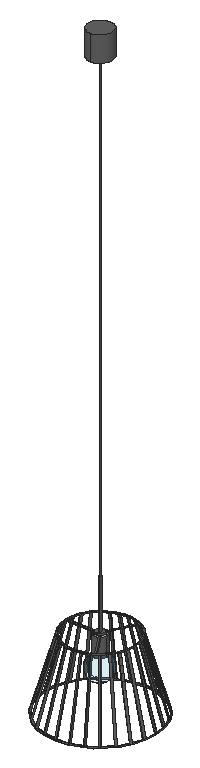
Revit family "Justerbar Lab Pendle_Bole_Cage", category Lighting Fixtures, Revit 2021
Family settings
  Round Connector Dimension = Use Diameter
  Part Type = Normal
  OmniClass Number = 23.80.70.00
  OmniClass Title = Lighting
  Work Plane-Based = No
  Always vertical = Yes
  Cut with Voids When Loaded = No
  Light Source = Yes
  Shared = No
  Room Calculation Point = No
Parameters
  Wattage = 9.2903 W
  built-in parameter 1150110 = 1 (stored number, unit not read)
  built-in parameter 1114217 = 1 (stored number, unit not read)
  built-in parameter 1150109 = 1 (stored number, unit not read)
  built-in parameter 1150134 = (empty or 0)
  Spredning = "120"
  Pendle Wire = 3360 mm
  Offset from floor [instance] = 1500 mm
  MacAdams = "< 3 SCDM"
  Lyskilde = "LED"
  Lumen = "660lm"
  Levetid = "L70 50.000 timer"
  Level Heigth [instance] = 4000 mm
  Kjøle metode = "Passiv"
  Frekvens Sekundærkilde = "> 1000 Hz"
  Frekvens = "50-60 Hz"
  Floor thickness [instance] = 300 mm
  Fargetemperatur = "2700K, 3000K,eller DW"
  Farger = "Sort"
  Effekt = "6W"
  Driftspenning = "220-240V"
  Distance from floor [instance] = 1463.987 mm
  Dimbar = "Dali eller Triac"
  CRI = ">90"
  Beskyttelsesgrad = "IP20"
  Pendel-lengde [instance] = Level Heigth - Floor thickness - Offset from floor  # 2200 mm
  built-in parameter 1150113 = 1 (stored number, unit not read)
  Lumens = 1380 lm
  built-in parameter 1150115 = 1 (stored number, unit not read)
  built-in parameter 1150105 = 109.82 (stored number, unit not read)
  Light Source Symbol Size = 609.6 mm
  built-in parameter 1150137 = (empty or 0)
  built-in parameter 1150139 = (empty or 0)
  built-in parameter 1150112 = 1 (stored number, unit not read)
  built-in parameter 1150114 = 1 (stored number, unit not read)
  built-in parameter 1150132 = 2
  built-in parameter 1150102 = (empty or 0)
  built-in parameter 1150138 = (empty or 0)
  built-in parameter 1150107 = 3000 (stored number, unit not read)
  built-in parameter 1150106 = 1.0982 (stored number, unit not read)
  built-in parameter 1150104 = 13.8 (stored number, unit not read)
  Dimming Lamp Color Temperature Shift = (empty or 0)
  Default Elevation = 0 mm
  Color Filter = 16777215
  built-in parameter 1114218 = 1 (stored number, unit not read)
  built-in parameter 1150133 = 10 (stored number, unit not read)
Reference planes
  plane 1 "Light Source Axis (F/B)": y = 0
  plane 2: z = 0
  plane 3 "Light Source Axis (L/R)": x = 0
  plane 4 "Light Source Elevation": z = 1646.42
  plane 5 "Tak": z = 3700
  plane 6: z = 3610
  plane 7: z = 3603
  plane 8: z = 0.033
  plane 9: z = 4000
  plane 10: z = 1941
  plane 11: z = 1646.42
  plane 12: z = 1500
Forms (mm)
  Extrusion 1, solid, material "Default New Material"
    sketch origin (0, 0, 589.968) x (0, 1, 0) y (-1, 0, 0)
      loop
        circle (0, 0) r 42.5
    from 3020.032 to 3110.032
  Extrusion 2, solid, material "Default New Material"
    sketch origin (0, 0, 589.968) x (0, 1, 0) y (-1, 0, 0)
      loop
        circle (0, 0) r 6
    from 3013.032 to 3020.032
  Extrusion 3, solid, material "Default New Material"
    sketch origin (0, 0, 589.968) x (0, 1, 0) y (-1, 0, 0)
      loop
        circle (0, 0) r 2.031
    from 1351.032 to 3013.032
Dimensions and locks
  Extrusion 1 to Extrusion 1 to Extrusion 2 = 90 mm locked, 7 mm locked
  locked: plane 6 to plane 5 "Tak" at 90
  locked: plane 7 to plane 6 at 7
  "Floor thickness": plane 5 "Tak" to plane 9
  "Level Heigth": level to plane 9
  locked: plane 11 to plane 10 at 294.58
  "Offset from floor": level to plane 12
  locked: plane 12 to plane 11 at 146.42
  aligned and locked: plane 4 "Light Source Elevation" to imposter light
  aligned and locked: level to plane 2
  aligned and locked: plane 5 "Tak" to Extrusion 1
  aligned and locked: Extrusion 1 to plane 6
  aligned and locked: Extrusion 2 to Extrusion 1
  aligned and locked: Extrusion 2 to Extrusion 3
  aligned and locked: plane 7 to Extrusion 3
  aligned and locked: Extrusion 2 to plane 7
  aligned and locked: plane 6 to Extrusion 1
  aligned and locked: Extrusion 3 to plane 10
  aligned and locked: plane 10 to nested 1
  aligned and locked: plane 11 to nested 1
  aligned and locked: plane 4 "Light Source Elevation" to plane 11
  aligned and locked: plane 12 to nested 2
Automatic sketch dimensions
  plane 1 "Light Source Axis (F/B)" to Extrusion 1 sketch curve = 0 mm
  Extrusion 1 sketch curve to plane 3 "Light Source Axis (L/R)" = 0 mm
  plane 1 "Light Source Axis (F/B)" to Extrusion 2 sketch curve = 0 mm
  Extrusion 2 sketch curve to plane 3 "Light Source Axis (L/R)" = 0 mm
  plane 1 "Light Source Axis (F/B)" to Extrusion 3 sketch curve = 0 mm
  Extrusion 3 sketch curve to plane 3 "Light Source Axis (L/R)" = 0 mm
  radius of Extrusion 1 sketch curve = 42.5 mm
  radius of Extrusion 2 sketch curve = 6 mm
  radius of Extrusion 3 sketch curve = 2.031 mm
Nested families
  nested 1: "Bole" at (0, 0, 1602), type "Bole"
  nested 2: "Cage" at (0, 0, 2192), type "Cage"
Definition of nested family "Bole"
  Parameters
    Wattage = 9.2903 W
    built-in parameter 1150110 = 1 (stored number, unit not read)
    built-in parameter 1114217 = 1 (stored number, unit not read)
    built-in parameter 1150109 = 1 (stored number, unit not read)
    built-in parameter 1150134 = 3
    built-in parameter 1150113 = 1 (stored number, unit not read)
    built-in parameter 1150105 = 109.82 (stored number, unit not read)
    Lumens = 1380 lm
    built-in parameter 1150115 = 1 (stored number, unit not read)
    Light Source Symbol Size = 609.6 mm
    built-in parameter 1150137 = (empty or 0)
    built-in parameter 1150139 = (empty or 0)
    built-in parameter 1150112 = 1 (stored number, unit not read)
    built-in parameter 1150114 = 1 (stored number, unit not read)
    built-in parameter 1150132 = (empty or 0)
    built-in parameter 1150102 = (empty or 0)
    built-in parameter 1150107 = 3200 (stored number, unit not read)
    built-in parameter 1150138 = (empty or 0)
    built-in parameter 1150106 = 1.0982 (stored number, unit not read)
    built-in parameter 1150104 = 13.8 (stored number, unit not read)
    Dimming Lamp Color Temperature Shift = (empty or 0)
    Default Elevation = 0 mm
    Color Filter = 16777215
    built-in parameter 1114218 = 1 (stored number, unit not read)
    built-in parameter 1150133 = 10 (stored number, unit not read)
  Reference planes
    plane 1 "Center (Front/Back)": y = 0
    plane 2: z = 0
    plane 3 "Center (Left/Right)": x = 0
    plane 4: z = 44.42
  Forms (mm)
    Extrusion 1, solid
      sketch origin (0, 0, 589.931) x (0, 1, 0) y (-1, 0, 0)
        loop
          circle (0, 0) r 3.032
      from -427.931 to -250.931
    Extrusion 2, solid
      sketch origin (0, 0, 589.931) x (0, 1, 0) y (-1, 0, 0)
        loop
          circle (0, 0) r 15
      from -434.931 to -427.931
    Revolve 3, solid
      sketch origin (0, 0, -3410.069) x (1, 0, 0) y (0, 0, 1)
        loop
          line (25, 3565.069) -> (21.832, 3565.069) -> (0, 3565.069) -> (0, 3533.751) -> (21.832, 3533.751) -> (21.832, 3499.069) -> (25, 3499.069) -> (25, 3565.069)
        axis (0, 3499.069) -> (0, 3565.069)
      angle from 0 to 360
    Revolve 4, solid
      sketch origin (0, 0, -3410.069) x (1, 0, 0) y (0, 0, 1)
        loop
          line (0, 3533.166) -> (0, 3499) -> (21.729, 3499) -> (21.729, 3533.166) -> (0, 3533.166)
        axis (0, 3499) -> (0, 3533.166)
      angle from 0 to 360
    Revolve 5, solid
      sketch origin (0, 0, -3410.069) x (1, 0, 0) y (0, 0, 1)
        loop
          line (21.729, 3499) -> (19.413, 3499)
          arc (19.413, 3499) -> (45.398, 3447.155) -> (0, 3411.069) r 46.006
          line (0, 3411.069) -> (0, 3410.069)
          arc (0, 3410.069) -> (46.138, 3445.916) -> (21.729, 3499) r 47.007
        axis (0, 3410.069) -> (0, 3499)
      angle from 0 to 360
  Dimensions and locks
    Revolve 5 sketch curve to Revolve 3 = 89 mm
    aligned and locked: level to plane 2
    aligned and locked: Extrusion 1 to Extrusion 2
    aligned and locked: Extrusion 2 to Revolve 3
Definition of nested family "Cage"
  Parameters
    Default Elevation = 0 mm
  Reference planes
    plane 1 "Center (Front/Back)": y = 0
    plane 2: z = 0
    plane 3 "Center (Left/Right)": x = 0
  Forms (mm)
    Extrusion 1, solid
      sketch origin (0, 0, -4007) x (1, 0, 0) y (0, 0, 1)
        loop
          line (199.714, 3319.224) -> (124.714, 3572) -> (121.195, 3572) -> (196.195, 3319.224) -> (199.714, 3319.224)
      from -2.416 to 2.821
    Revolve 2, solid
      sketch origin (0, 0, -4007) x (1, 0, 0) y (0, 0, 1)
        loop
          line (199.714, 3319.224) -> (196.181, 3319.224) -> (196.181, 3315) -> (199.714, 3315) -> (199.714, 3319.224)
        axis (0, 3315) -> (0, 3319.224)
      angle from 0 to 360
    Revolve 3, solid
      sketch origin (0, 0, -4007) x (1, 0, 0) y (0, 0, 1)
        loop
          line (124.714, 3572) -> (124.714, 3575) -> (121.21, 3575) -> (121.21, 3572) -> (124.714, 3572)
        axis (0, 3572) -> (0, 3575)
      angle from 0 to 360
    Extrusion 4, solid
      sketch origin (0, 0, -4007) x (-1, 0, 0) y (0, 0, 1)
        loop
          line (199.714, 3319.224) -> (124.714, 3572) -> (121.195, 3572) -> (196.195, 3319.224) -> (199.714, 3319.224)
      from -2.416 to 2.821
    Extrusion 5, solid
      sketch origin (0, 0, -4007) x (0.974928, -0.222521, 0) y (0, 0, 1)
        loop
          line (199.714, 3319.224) -> (124.714, 3572) -> (121.195, 3572) -> (196.195, 3319.224) -> (199.714, 3319.224)
      from -2.416 to 2.821
    Extrusion 6, solid
      sketch origin (0, 0, -4007) x (0.900969, -0.433884, 0) y (0, 0, 1)
        loop
          line (199.714, 3319.224) -> (124.714, 3572) -> (121.195, 3572) -> (196.195, 3319.224) -> (199.714, 3319.224)
      from -2.416 to 2.821
    Extrusion 7, solid
      sketch origin (0, 0, -4007) x (0.781831, -0.62349, 0) y (0, 0, 1)
        loop
          line (199.714, 3319.224) -> (124.714, 3572) -> (121.195, 3572) -> (196.195, 3319.224) -> (199.714, 3319.224)
      from -2.416 to 2.821
    Extrusion 8, solid
      sketch origin (0, 0, -4007) x (0.62349, -0.781831, 0) y (0, 0, 1)
        loop
          line (199.714, 3319.224) -> (124.714, 3572) -> (121.195, 3572) -> (196.195, 3319.224) -> (199.714, 3319.224)
      from -2.416 to 2.821
    Extrusion 9, solid
      sketch origin (0, 0, -4007) x (0.433884, -0.900969, 0) y (0, 0, 1)
        loop
          line (199.714, 3319.224) -> (124.714, 3572) -> (121.195, 3572) -> (196.195, 3319.224) -> (199.714, 3319.224)
      from -2.416 to 2.821
    Extrusion 10, solid
      sketch origin (0, 0, -4007) x (0.222521, -0.974928, 0) y (0, 0, 1)
        loop
          line (199.714, 3319.224) -> (124.714, 3572) -> (121.195, 3572) -> (196.195, 3319.224) -> (199.714, 3319.224)
      from -2.416 to 2.821
    Extrusion 11, solid
      sketch origin (0, 0, -4007) x (0, -1, 0) y (0, 0, 1)
        loop
          line (199.714, 3319.224) -> (124.714, 3572) -> (121.195, 3572) -> (196.195, 3319.224) -> (199.714, 3319.224)
      from -2.416 to 2.821
    Extrusion 12, solid
      sketch origin (0, 0, -4007) x (-0.222521, -0.974928, 0) y (0, 0, 1)
        loop
          line (199.714, 3319.224) -> (124.714, 3572) -> (121.195, 3572) -> (196.195, 3319.224) -> (199.714, 3319.224)
      from -2.416 to 2.821
    Extrusion 13, solid
      sketch origin (0, 0, -4007) x (-0.433884, -0.900969, 0) y (0, 0, 1)
        loop
          line (199.714, 3319.224) -> (124.714, 3572) -> (121.195, 3572) -> (196.195, 3319.224) -> (199.714, 3319.224)
      from -2.416 to 2.821
    Extrusion 14, solid
      sketch origin (0, 0, -4007) x (-0.62349, -0.781831, 0) y (0, 0, 1)
        loop
          line (199.714, 3319.224) -> (124.714, 3572) -> (121.195, 3572) -> (196.195, 3319.224) -> (199.714, 3319.224)
      from -2.416 to 2.821
    Extrusion 15, solid
      sketch origin (0, 0, -4007) x (-0.781831, -0.62349, 0) y (0, 0, 1)
        loop
          line (199.714, 3319.224) -> (124.714, 3572) -> (121.195, 3572) -> (196.195, 3319.224) -> (199.714, 3319.224)
      from -2.416 to 2.821
    Extrusion 16, solid
      sketch origin (0, 0, -4007) x (-0.900969, -0.433884, 0) y (0, 0, 1)
        loop
          line (199.714, 3319.224) -> (124.714, 3572) -> (121.195, 3572) -> (196.195, 3319.224) -> (199.714, 3319.224)
      from -2.416 to 2.821
    Extrusion 17, solid
      sketch origin (0, 0, -4007) x (-0.974928, -0.222521, 0) y (0, 0, 1)
        loop
          line (199.714, 3319.224) -> (124.714, 3572) -> (121.195, 3572) -> (196.195, 3319.224) -> (199.714, 3319.224)
      from -2.416 to 2.821
    Extrusion 18, solid
      sketch origin (0, 0, -4007) x (0.974928, 0.222521, 0) y (0, 0, -1)
        loop
          line (199.714, -3319.224) -> (196.195, -3319.224) -> (121.195, -3572) -> (124.714, -3572) -> (199.714, -3319.224)
      from -2.416 to 2.821
    Extrusion 19, solid
      sketch origin (0, 0, -4007) x (0.900969, 0.433884, 0) y (0, 0, -1)
        loop
          line (199.714, -3319.224) -> (196.195, -3319.224) -> (121.195, -3572) -> (124.714, -3572) -> (199.714, -3319.224)
      from -2.416 to 2.821
    Extrusion 20, solid
      sketch origin (0, 0, -4007) x (0.781831, 0.62349, 0) y (0, 0, -1)
        loop
          line (199.714, -3319.224) -> (196.195, -3319.224) -> (121.195, -3572) -> (124.714, -3572) -> (199.714, -3319.224)
      from -2.416 to 2.821
    Extrusion 21, solid
      sketch origin (0, 0, -4007) x (0.62349, 0.781831, 0) y (0, 0, -1)
        loop
          line (199.714, -3319.224) -> (196.195, -3319.224) -> (121.195, -3572) -> (124.714, -3572) -> (199.714, -3319.224)
      from -2.416 to 2.821
    Extrusion 22, solid
      sketch origin (0, 0, -4007) x (0.433884, 0.900969, 0) y (0, 0, -1)
        loop
          line (199.714, -3319.224) -> (196.195, -3319.224) -> (121.195, -3572) -> (124.714, -3572) -> (199.714, -3319.224)
      from -2.416 to 2.821
    Extrusion 23, solid
      sketch origin (0, 0, -4007) x (0.222521, 0.974928, 0) y (0, 0, -1)
        loop
          line (199.714, -3319.224) -> (196.195, -3319.224) -> (121.195, -3572) -> (124.714, -3572) -> (199.714, -3319.224)
      from -2.416 to 2.821
    Extrusion 24, solid
      sketch origin (0, 0, -4007) x (0, 1, 0) y (0, 0, -1)
        loop
          line (199.714, -3319.224) -> (196.195, -3319.224) -> (121.195, -3572) -> (124.714, -3572) -> (199.714, -3319.224)
      from -2.416 to 2.821
    Extrusion 25, solid
      sketch origin (0, 0, -4007) x (-0.222521, 0.974928, 0) y (0, 0, -1)
        loop
          line (199.714, -3319.224) -> (196.195, -3319.224) -> (121.195, -3572) -> (124.714, -3572) -> (199.714, -3319.224)
      from -2.416 to 2.821
    Extrusion 26, solid
      sketch origin (0, 0, -4007) x (-0.433884, 0.900969, 0) y (0, 0, -1)
        loop
          line (199.714, -3319.224) -> (196.195, -3319.224) -> (121.195, -3572) -> (124.714, -3572) -> (199.714, -3319.224)
      from -2.416 to 2.821
    Extrusion 27, solid
      sketch origin (0, 0, -4007) x (-0.62349, 0.781831, 0) y (0, 0, -1)
        loop
          line (199.714, -3319.224) -> (196.195, -3319.224) -> (121.195, -3572) -> (124.714, -3572) -> (199.714, -3319.224)
      from -2.416 to 2.821
    Extrusion 28, solid
      sketch origin (0, 0, -4007) x (-0.781831, 0.62349, 0) y (0, 0, -1)
        loop
          line (199.714, -3319.224) -> (196.195, -3319.224) -> (121.195, -3572) -> (124.714, -3572) -> (199.714, -3319.224)
      from -2.416 to 2.821
    Extrusion 29, solid
      sketch origin (0, 0, -4007) x (-0.900969, 0.433884, 0) y (0, 0, -1)
        loop
          line (199.714, -3319.224) -> (196.195, -3319.224) -> (121.195, -3572) -> (124.714, -3572) -> (199.714, -3319.224)
      from -2.416 to 2.821
    Extrusion 30, solid
      sketch origin (0, 0, -4007) x (-0.974928, 0.222521, 0) y (0, 0, -1)
        loop
          line (199.714, -3319.224) -> (196.195, -3319.224) -> (121.195, -3572) -> (124.714, -3572) -> (199.714, -3319.224)
      from -2.416 to 2.821
    Revolve 31, solid
      sketch origin (0, 0, -4000) x (1, 0, 0) y (0, 0, 1)
        loop
          line (15.569, 3568) -> (15.569, 3565) -> (20.535, 3565) -> (20.535, 3568) -> (15.569, 3568)
        axis (0, 3565) -> (0, 3568)
      angle from 0 to 360
    Extrusion 32, solid
      sketch origin (0, 0, 0) x (0, 1, 0) y (-1, 0, 0)
        loop
          arc (2.821, 121.1) -> (0.321, 121.21) -> (-2.179, 121.124) r 31.898
          line (-2.179, 121.124) -> (-2.179, 20.419)
          arc (-2.179, 20.419) -> (0.323, 20.533) -> (2.821, 20.341) r 20.535
          line (2.821, 20.341) -> (2.821, 121.1)
      from -435 to -432.376
    Extrusion 33, solid
      sketch origin (0, 0, 0) x (0.90102, -0.433778, 0) y (0.433778, 0.90102, 0)
        loop
          arc (2.821, 121.1) -> (0.321, 121.21) -> (-2.179, 121.124) r 31.898
          line (-2.179, 121.124) -> (-2.179, 20.419)
          arc (-2.179, 20.419) -> (0.323, 20.533) -> (2.821, 20.341) r 20.535
          line (2.821, 20.341) -> (2.821, 121.1)
      from -435 to -432.376
    Extrusion 34, solid
      sketch origin (0, 0, 0) x (-0.837007, -0.547192, 0) y (0.547192, -0.837007, 0)
        loop
          arc (2.821, 121.1) -> (0.321, 121.21) -> (-2.179, 121.124) r 31.898
          line (-2.179, 121.124) -> (-2.179, 20.419)
          arc (-2.179, 20.419) -> (0.323, 20.533) -> (2.821, 20.341) r 20.535
          line (2.821, 20.341) -> (2.821, 121.1)
      from -435 to -432.376
  Dimensions and locks
    aligned and locked: level to plane 2
